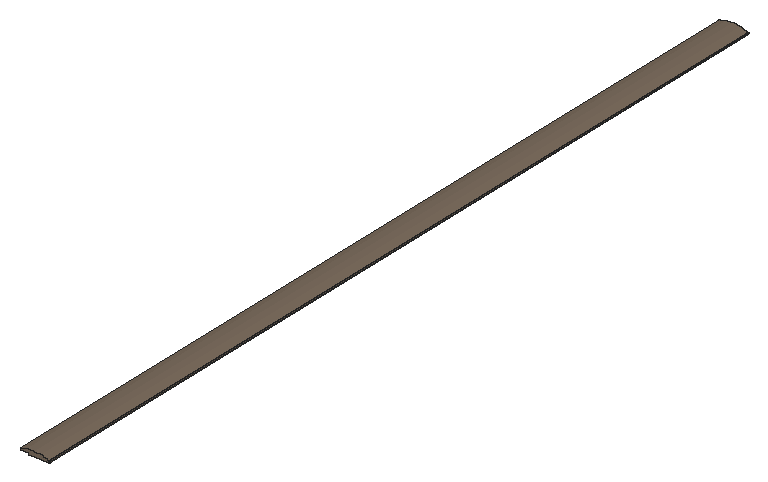
Revit family "111210017132286", category Modelos genéricos, Revit 2018
Family settings
  Puede alojar armadura = No
  Cota de conector redondo = Diámetro de uso
  Tipo de pieza = Normal
  Se basa en plano de trabajo = No
  Siempre vertical = No
  Corte con vacíos al cargar = No
  Compartido = No
  Punto de cálculo de habitación = No
Parameters (values of type "CUBREJUNTA TERMINAL PVC 40MM CAFE ROLLO 50MT")
  Ventajas = "Autoextinguible"
  Uso = "Se utiliza para unir distintas superficies con diferencias de niveles, siendo un\r\nproducto que permite compensar estas diferencias al unir alfombras, piso laminado,\r\nCerámica, entre otros."
  Unidad = "Perfil Superior (Rollos de 50 Mts)"
  URL = "https://www.empresascnp.cl/"
  Num SKUs = "111210017132286"
  Nombre SKU = "CUBREJUNTA TERMINAL PVC 40MM CAFE ROLLO 50MT"
  Modelo = "CUBREJUNTA TERMINAL PVC"
  Material = PVC flexible cafe
  Url Ficha tecnica = "https://empresascnp.cl/wp-content/uploads//pdf/ficha-tecnica-cubrejunta-terminal-pvc-40mm-cafe-rollo-50mt.pdf"
  Largo = 1200.00 mm
  Espesor = 3.00 mm
  Empresa = "CNP SPA."
  Dureza = "Shore A 80"
  Dimension = 40.00 mm
  Descripción = "Cubrejunta Terminal  40 MM."
  Contacto = "info@empresascnp.cl"
  Color = "Cafe"
  Aplicacion = "ENTRE JUNTAS"
  Alto = 5.00 mm
Reference planes
  plane 1 "Center F/B": y = 0
  plane 2: z = 0
  plane 3 "Center L/R": x = -4
  plane 4: z = -5
  plane 5 "2": y = 600
  plane 6 "3": y = -600
  plane 7: x = 36
  plane 8 "4": x = 16
Forms (mm)
  Extrusion 1, solid, material "PVC flexible cafe" <- "Material"
    sketch origin (0, 0, 0) x (1, 0, 0) y (0, 0, 1)
      loop
        arc (35.572, 0.276) -> (16.225, 4.878) -> (-3.46, 2.052) r 53.185
        arc (-3.46, 2.052) -> (-3.851, 1.76) -> (-4, 1.295) r 0.8
        line (-4, 1.295) -> (-4, 0.5)
        arc (-4, 0.5) -> (-3.854, 0.146) -> (-3.5, 0) r 0.5
        line (-3.5, 0) -> (7.501, 0)
        arc (7.501, 0) -> (7.854, -0.146) -> (8, -0.499) r 0.499
        line (8, -0.499) -> (8, -1.768)
        arc (8, -1.768) -> (8.186, -2.216) -> (8.635, -2.402) r 0.635
        line (8.635, -2.402) -> (35.415, -2.402)
        arc (35.415, -2.402) -> (35.829, -2.231) -> (36, -1.817) r 0.585
        line (36, -1.817) -> (36, -0.385)
        arc (36, -0.385) -> (35.884, 0.008) -> (35.572, 0.276) r 0.725
    from -600 to 600
Dimensions and locks
  "Alto": level to plane 4
  equal spacing: plane 6 "3", plane 1 "Center F/B", plane 5 "2"
  "Largo": plane 6 "3" to plane 5 "2"
  "Dimension": plane 7 to plane 3 "Center L/R"
  equal spacing: plane 7, plane 8 "4", plane 3 "Center L/R"
  aligned and locked: plane 6 "3" to Extrusion 1
  aligned and locked: Extrusion 1 to plane 5 "2"
Automatic sketch dimensions
  Extrusion 1 sketch curve to plane 3 "Center L/R" = 0.00 mm
  Extrusion 1 sketch curve to level = 0.00 mm
  Extrusion 1 sketch curve to plane 7 = 0.00 mm
  Extrusion 1 sketch curve to Extrusion 1 sketch curve = 0.50 mm
  Extrusion 1 sketch curve to Extrusion 1 sketch curve = 0.80 mm
  Extrusion 1 sketch curve to plane 8 "4" = 8.499 mm
  Extrusion 1 sketch curve to Extrusion 1 sketch curve = 0.499 mm
  Extrusion 1 sketch curve to Extrusion 1 sketch curve = 0.635 mm
  Extrusion 1 sketch curve to plane 8 "4" = 2.193 mm
  Extrusion 1 sketch curve to Extrusion 1 sketch curve = 0.725 mm
  Extrusion 1 sketch curve to plane 7 = 0.585 mm
  Extrusion 1 sketch curve to Extrusion 1 sketch curve = 1.269 mm
  plane 4 to Extrusion 1 sketch curve = 43.252 mm
  Extrusion 1 sketch curve to level = 0.385 mm
  Extrusion 1 sketch curve to Extrusion 1 sketch curve = 0.795 mm
  Extrusion 1 sketch curve to Extrusion 1 sketch curve = 0.00 mm
